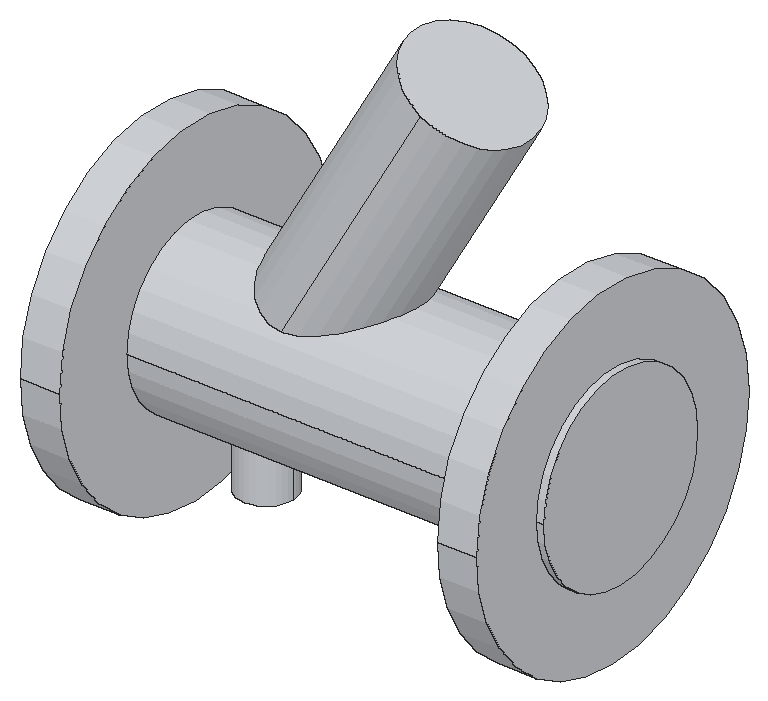
Revit family "HS 821-síto_jemné-PN25-DN025-RFA_2019", category Pipe Accessories, Revit 2019
Family settings
  Round Connector Dimension = Use Diameter
  Part Type = Breaks Into
  Work Plane-Based = No
  Always vertical = Yes
  Cut with Voids When Loaded = No
  Shared = No
Parameters (values of type "821D-DN025-PN25-síto_jemné")
  magiProductId = "b9a7fb4aa36643878c637d8e1ab992"
  magiProductFamilyId = "79214ac3aaa945e397802f559f5c1e"
  magiPartTypeId = 307
  isMeasuringValve [instance] = no
  ang2D [instance] = 0.00°
  ZB__ve = -ZB  # -19.25 mm
  ZB1 = 26.325 mm
  ZB = 19.25 mm
  X2 = 58.601 mm
  X1 = 22.4 mm
  W2D = 15 mm
  VersionID = "2.0/2017.9.26.1/ZETKAMA_821_001"
  Use Minimum Symbol Size [instance] = yes
  URL = "www.hydronic.cz"
  Type Comments = "Filtr přírubový; síto jemné; A-PN16 (-10~300°C); D-PN25 (-10~350°C); F-PN40 (-10~400°C)"
  S = 65 mm
  QmdConnectorList = "301;D;302;D"
  Productdata [instance] = ""
  Manufacturer = "Hydronic Systems Prague s.r.o."
  MC Product Code = "210 225 (821D; DN025; PN25; kvs14,2; oko síta 0,63mm)"
  LM1 = 12.8 mm
  LM = 128 mm
  L4 = 40 mm
  L2D_Min = 3048 mm
  L2D = 130 mm
  L2 = 80 mm
  HH2 = 101.5 mm
  FD = 115 mm
  Description = "Filtr přírubový; síto jemné; 821A-PN16; 821D-PN25; 821F-PN40"
  DM1 = 43.2 mm
  DM = 58.5 mm
  D = 25 mm
  CC = 2.72 mm
  CAT0 = yes
  C1 = 13.28 mm
  C = 16 mm
  BD = 18.427 mm
Types (40, lengths in mm): name | magiProductId | ZB__ve | ZB1 | ZB | X2 | X1 | S | MC Product Code | LM1 | LM | L4 | L2 | HH2 | FD | DM1 | DM | D | CC | C1 | C | BD
  821A-DN015-PN16-síto_jemné | "a71bcfe8b393460598b23e8ddf7dc5" | -16.25 | 18.63 | 16.25 | 46.982 | 18.2 | 46 | "210 115 (821A; DN015; PN16; kvs6,2; oko síta 0,63mm)" | 10.4 | 104 | 32.5 | 65 | 81.375 | 95 | 27.6 | 41.4 | 15 | 2.21 | 10.79 | 13 | 13.041
  821A-DN020-PN16-síto_jemné | "41cd6c7a12924f4991217528336076" | -17.75 | 22.68 | 17.75 | 51.673 | 21 | 56 | "210 120 (821A; DN020; PN16; kvs9,6; oko síta 0,63mm)" | 12 | 120 | 37.5 | 75 | 89.5 | 105 | 33.6 | 50.4 | 20 | 2.55 | 12.45 | 15 | 15.876
  821A-DN025-PN16-síto_jemné | "be378b463ed14c3abf4c9b3ae8cf3a" | -19.25 | 26.325 | 19.25 | 58.601 | 22.4 | 65 | "210 125 (821A; DN025; PN16; kvs14,2; oko síta 0,63mm)" | 12.8 | 128 | 40 | 80 | 101.5 | 115 | 43.2 | 58.5 | 25 | 2.72 | 13.28 | 16 | 18.427
  821A-DN032-PN16-síto_jemné | "227a0d18b21540afabe8b6067d35fa" | -23 | 30.78 | 23 | 68.849 | 25.2 | 76 | "210 132 (821A; DN032; PN16; kvs23,1; oko síta 0,63mm)" | 14.4 | 144 | 45 | 90 | 119.25 | 140 | 50.4 | 68.4 | 32 | 3.06 | 14.94 | 18 | 21.546
  821A-DN040-PN16-síto_jemné | "d106917c74724141a10440112d0102" | -24.5 | 34.02 | 24.5 | 75.777 | 28 | 84 | "210 140 (821A; DN040; PN16; kvs36,6; oko síta 0,63mm)" | 16 | 160 | 50 | 100 | 131.25 | 150 | 60 | 75.6 | 40 | 3.4 | 16.6 | 20 | 23.814
  821A-DN050-PN16-síto_jemné | "8255d456a09e4f6486734f5dd9171b" | -26.75 | 40.095 | 26.75 | 79.061 | 32.2 | 99 | "210 150 (821A; DN050 PN16; kvs53,7; oko síta 0,63mm)" | 18.4 | 184 | 57.5 | 115 | 136.938 | 165 | 73.8 | 89.1 | 50 | 3.91 | 19.09 | 23 | 28.066
  821A-DN065-PN16-síto_jemné | "235b1b3e4c0843779a4d5e3716d40a" | -29.75 | 47.79 | 29.75 | 86.927 | 40.6 | 118 | "210 165 (821A; DN065; PN16; kvs95,1; oko síta 0,63mm)" | 23.2 | 232 | 72.5 | 145 | 150.562 | 185 | 94.2 | 106.2 | 65 | 4.93 | 24.07 | 29 | 33.453
  821A-DN080-PN16-síto_jemné | "a067f7c5236348ed8c820d16df7214" | -32 | 53.46 | 32 | 104.753 | 43.4 | 132 | "210 180 (821A; DN080; PN16; kvs137,1; oko síta 0,63mm)" | 24.8 | 248 | 77.5 | 155 | 181.438 | 200 | 107.4 | 118.8 | 80 | 5.27 | 25.73 | 31 | 37.422
  821A-DN100-PN16-síto_jemné | "c49a648c2747461285837d643703cd" | -35 | 63.18 | 35 | 114.857 | 49 | 156 | "210 190 (821A; DN100; PN16; kvs206,4; oko síta 0,63mm)" | 28 | 280 | 87.5 | 175 | 198.937 | 220 | 131.4 | 140.4 | 100 | 5.95 | 29.05 | 35 | 44.226
  821A-DN125-PN16-síto_jemné | "bf68e728a163493cbd2a663b26ebdc" | -39.5 | 74.52 | 39.5 | 131.888 | 56 | 184 | "210 191 (821A; DN125; PN16; kvs268,8; oko síta 0,63mm)" | 32 | 320 | 100 | 200 | 228.438 | 250 | 165 | 165.6 | 125 | 6.8 | 33.2 | 40 | 52.164
  821A-DN150-PN16-síto_jemné | "2de770284b654863ae6bc865769dc5" | -44.75 | 85.455 | 44.75 | 155.885 | 67.2 | 211 | "210 192 (821A; DN150; PN16; kvs401,4; oko síta 0,63mm)" | 38.4 | 384 | 120 | 240 | 270 | 285 | 192 | 189.9 | 150 | 8.16 | 39.84 | 48 | 59.818
  821A-DN200-PN16-síto_jemné | "8e5693371ab64aabb29a7f08c76e15" | -53 | 107.73 | 53 | 188.361 | 84 | 266 | "210 193 (821A; DN200; PN16; kvs706,7; oko síta 0,63mm)" | 48 | 480 | 150 | 300 | 326.25 | 340 | 252 | 239.4 | 200 | 10.2 | 49.8 | 60 | 75.411
  821A-DN250-PN16-síto_jemné | "05e37ed948c34047acdd4c42556504" | -62.75 | 129.195 | 62.75 | 255.911 | 102.2 | 319 | "210 194 (821A; DN250; PN16; kvs1229,4; oko síta 0,63mm)" | 58.4 | 584 | 182.5 | 365 | 443.25 | 405 | 309.6 | 287.1 | 250 | 12.41 | 60.59 | 73 | 90.436
  821A-DN300-PN16-síto_jemné | "9ad0af747269428da925480d83ce80" | -71 | 149.85 | 71 | 325.914 | 119 | 370 | "210 195 (821A; DN300; PN16; kvs1902,4; oko síta 0,63mm)" | 68 | 680 | 212.5 | 425 | 564.5 | 460 | 369.6 | 333 | 300 | 14.45 | 70.55 | 85 | 104.895
  821A-DN350-PN16-síto_jemné | "eebc71459bb3451bb4355e7951370a" | -80 | 173.745 | 80 | 356.875 | 137.2 | 429 | "200 196 (821A; DN350; PN16; kvs2611,0; oko síta 0,63mm)" | 78.4 | 784 | 245 | 490 | 618.125 | 520 | 438 | 386.1 | 350 | 16.66 | 81.34 | 98 | 121.621
  821A-DN400-PN16-síto_jemné | "d2f677cb196647e385b2590e7d8abe" | -89 | 194.4 | 89 | 392.237 | 154 | 480 | "210 197 (821A; DN400; PN16; kvs3438,4; oko síta 0,63mm)" | 88 | 880 | 275 | 550 | 679.375 | 580 | 498 | 432 | 400 | 18.7 | 91.3 | 110 | 136.08
  821D-DN015-PN25-síto_jemné | "27ddcbf555414f8ca1fde329bf9087" | -16.25 | 18.63 | 16.25 | 46.982 | 18.2 | 46 | "210 215 (821D; DN015; PN25; kvs6,2; oko síta 0,63mm)" | 10.4 | 104 | 32.5 | 65 | 81.375 | 95 | 27.6 | 41.4 | 15 | 2.21 | 10.79 | 13 | 13.041
  821D-DN020-PN25-síto_jemné | "270e0f14012f47189cd0235c18faee" | -17.75 | 22.68 | 17.75 | 51.673 | 21 | 56 | "210 220 (821D; DN020; PN25; kvs9,6; oko síta 0,63mm)" | 12 | 120 | 37.5 | 75 | 89.5 | 105 | 33.6 | 50.4 | 20 | 2.55 | 12.45 | 15 | 15.876
  821D-DN025-PN25-síto_jemné | "b9a7fb4aa36643878c637d8e1ab992" | -19.25 | 26.325 | 19.25 | 58.601 | 22.4 | 65 | "210 225 (821D; DN025; PN25; kvs14,2; oko síta 0,63mm)" | 12.8 | 128 | 40 | 80 | 101.5 | 115 | 43.2 | 58.5 | 25 | 2.72 | 13.28 | 16 | 18.427
  821D-DN032-PN25-síto_jemné | "6be9a55c4e68400f94eec7e804204c" | -23 | 30.78 | 23 | 68.849 | 25.2 | 76 | "210 232 (821D; DN032; PN25; kvs23,1; oko síta 0,63mm)" | 14.4 | 144 | 45 | 90 | 119.25 | 140 | 50.4 | 68.4 | 32 | 3.06 | 14.94 | 18 | 21.546
  821D-DN040-PN25-síto_jemné | "c54511bd7f584ec2984291479612cb" | -24.5 | 34.02 | 24.5 | 75.777 | 28 | 84 | "210 240 (821D; DN040; PN25; kvs36,6; oko síta 0,63mm)" | 16 | 160 | 50 | 100 | 131.25 | 150 | 60 | 75.6 | 40 | 3.4 | 16.6 | 20 | 23.814
  821D-DN050-PN25-síto_jemné | "5483b1f596b04cd39b23a14a22c90e" | -26.75 | 40.095 | 26.75 | 79.061 | 32.2 | 99 | "210 250 (821D; DN050; PN25; kvs53,7; oko síta 0,63mm)" | 18.4 | 184 | 57.5 | 115 | 136.938 | 165 | 73.8 | 89.1 | 50 | 3.91 | 19.09 | 23 | 28.066
  821D-DN065-PN25-síto_jemné | "767b0f8318e94750bc7a9930ed5b30" | -29.75 | 47.79 | 29.75 | 86.927 | 40.6 | 118 | "210 265 (821D; DN065; PN25; kvs95,1; oko síta 0,63mm)" | 23.2 | 232 | 72.5 | 145 | 150.562 | 185 | 94.2 | 106.2 | 65 | 4.93 | 24.07 | 29 | 33.453
  821D-DN080-PN25-síto_jemné | "e21040fa3cc2404b858198f6b73709" | -32 | 53.46 | 32 | 104.753 | 43.4 | 132 | "210 280 (821D; DN080; PN25; kvs137,1; oko síta 0,63mm)" | 24.8 | 248 | 77.5 | 155 | 181.438 | 200 | 107.4 | 118.8 | 80 | 5.27 | 25.73 | 31 | 37.422
  821D-DN100-PN25-síto_jemné | "175ca87a506b40b3bc6b82f12f33cf" | -37.25 | 63.18 | 37.25 | 114.857 | 49 | 156 | "210 290 (821D; DN100; PN25; kvs206,4; oko síta 0,63mm)" | 28 | 280 | 87.5 | 175 | 198.937 | 235 | 131.4 | 140.4 | 100 | 5.95 | 29.05 | 35 | 44.226
  821D-DN125-PN25-síto_jemné | "77cc98d60da24855999a22dff726b2" | -42.5 | 74.52 | 42.5 | 131.888 | 56 | 184 | "210 291 (821D; DN125; PN25; kvs268,8; oko síta 0,63mm)" | 32 | 320 | 100 | 200 | 228.438 | 270 | 165 | 165.6 | 125 | 6.8 | 33.2 | 40 | 52.164
  821D-DN150-PN25-síto_jemné | "9cf8acfcd15547d68e83172d3abcbe" | -47 | 85.455 | 47 | 155.885 | 67.2 | 211 | "210 292 (821D; DN150; PN25; kvs401,4; oko síta 0,63mm)" | 38.4 | 384 | 120 | 240 | 270 | 300 | 192 | 189.9 | 150 | 8.16 | 39.84 | 48 | 59.818
  821D-DN200-PN25-síto_jemné | "16973f3c9ea14389ba8602495a6b64" | -56 | 110.97 | 56 | 188.361 | 84 | 274 | "210 293 (821D; DN200; PN25; kvs706,7; oko síta 0,63mm)" | 48 | 480 | 150 | 300 | 326.25 | 360 | 252 | 246.6 | 200 | 10.2 | 49.8 | 60 | 77.679
  821F-DN015-PN40-síto_jemné | "4c7eaf3c4c0340888b3e684d8a8616" | -16.25 | 18.225 | 16.25 | 46.982 | 18.2 | 45 | "250 615 (821F; DN015; PN40; kvs6,2; oko síta 0,63mm)" | 10.4 | 104 | 32.5 | 65 | 81.375 | 95 | 27.6 | 40.5 | 15 | 2.21 | 10.79 | 13 | 12.757
  821F-DN020-PN40-síto_jemné | "aaac5f1ec96b44d6ba96ac2293d66d" | -17.75 | 23.49 | 17.75 | 51.673 | 21 | 58 | "250 620 (821F; DN020; PN40; kvs9,6; oko síta 0,63mm)" | 12 | 120 | 37.5 | 75 | 89.5 | 105 | 33.6 | 52.2 | 20 | 2.55 | 12.45 | 15 | 16.443
  821F-DN025-PN40-síto_jemné | "504768023968471481789485b54c7e" | -19.25 | 27.54 | 19.25 | 58.601 | 22.4 | 68 | "250 625 (821F; DN025; PN40; kvs14,2; oko síta 0,63mm)" | 12.8 | 128 | 40 | 80 | 101.5 | 115 | 43.2 | 61.2 | 25 | 2.72 | 13.28 | 16 | 19.278
  821F-DN032-PN40-síto_jemné | "165e7f39cf744f329bdf1c400dad12" | -23 | 31.59 | 23 | 68.849 | 25.2 | 78 | "250 632 (821F; DN032; PN40; kvs23,1; oko síta 0,63mm)" | 14.4 | 144 | 45 | 90 | 119.25 | 140 | 50.4 | 70.2 | 32 | 3.06 | 14.94 | 18 | 22.113
  821F-DN040-PN40-síto_jemné | "b8903f952089408fbf3a5a632bab1f" | -24.5 | 35.64 | 24.5 | 75.777 | 28 | 88 | "250 640 (821F; DN040; PN40; kvs36,6; oko síta 0,63mm)" | 16 | 160 | 50 | 100 | 131.25 | 150 | 60 | 79.2 | 40 | 3.4 | 16.6 | 20 | 24.948
  821F-DN050-PN40-síto_jemné | "c451f97266fe48da8f879cb6a2bd44" | -26.75 | 41.31 | 26.75 | 79.061 | 32.2 | 102 | "250 650 (821F; DN050; PN40; kvs53,7; oko síta 0,63mm)" | 18.4 | 184 | 57.5 | 115 | 136.938 | 165 | 73.8 | 91.8 | 50 | 3.91 | 19.09 | 23 | 28.917
  821F-DN065-PN40-síto_jemné | "dc9821e3f9b34e128f6a8c6b34c198" | -29.75 | 49.41 | 29.75 | 86.927 | 40.6 | 122 | "250 665 (821F; DN065; PN40; kvs95,1; oko síta 0,63mm)" | 23.2 | 232 | 72.5 | 145 | 150.562 | 185 | 94.2 | 109.8 | 65 | 4.93 | 24.07 | 29 | 34.587
  821F-DN080-PN40-síto_jemné | "689aa1e260f84cf4994f027a1d86b5" | -32 | 55.89 | 32 | 104.753 | 43.4 | 138 | "250 680 (821F; DN080; PN40; kvs137,1; oko síta 0,63mm)" | 24.8 | 248 | 77.5 | 155 | 181.438 | 200 | 107.4 | 124.2 | 80 | 5.27 | 25.73 | 31 | 39.123
  821F-DN100-PN40-síto_jemné | "8a45d4e8e2ab425f8c432f21d684f3" | -37.25 | 65.61 | 37.25 | 114.857 | 49 | 162 | "250 690 (821F; DN100; PN40; kvs206,4; oko síta 0,63mm)" | 28 | 280 | 87.5 | 175 | 198.937 | 235 | 131.4 | 145.8 | 100 | 5.95 | 29.05 | 35 | 45.927
  821F-DN125-PN40-síto_jemné | "cf073904c006406b8645afa67ea2fc" | -42.5 | 76.14 | 42.5 | 131.888 | 56 | 188 | "250 691 (821F; DN125; PN40; kvs268,8; oko síta 0,63mm)" | 32 | 320 | 100 | 200 | 228.438 | 270 | 165 | 169.2 | 125 | 6.8 | 33.2 | 40 | 53.298
  821F-DN150-PN40-síto_jemné | "0153b9ddabe14992a630484929fdbc" | -47 | 88.29 | 47 | 155.885 | 67.2 | 218 | "250 692 (821F; DN150; PN40; kvs401,4; oko síta 0,63mm)" | 38.4 | 384 | 120 | 240 | 270 | 300 | 192 | 196.2 | 150 | 8.16 | 39.84 | 48 | 61.803
  821F-DN200-PN40-síto_jemné | "7fb3fc01dd8d42428c203e3f8dd4d5" | -56 | 115.425 | 56 | 188.361 | 84 | 285 | "250 693 (821F; DN200; PN40; kvs706,7; oko síta 0,63mm)" | 48 | 480 | 150 | 300 | 326.25 | 360 | 252 | 256.5 | 200 | 10.2 | 49.8 | 60 | 80.797
Reference planes
  plane 1 "Center (Front/Back)": y = 0
  plane 2 "XYPLANE": z = 0
  plane 3 "Center (Left/Right)": x = 0
  plane 4 "109": x = -51.2
  plane 5 "108": x = 64
  plane 6 "107": x = -64
  plane 7 "105": x = 80
  plane 8 "104": x = -80
  plane 9 "103": y = 0
  plane 10 "102": z = 0
  plane 11 "101": x = -77.28
  plane 12 "100": x = 77.28
  plane 13 "11": x = -28.8
  plane 14 "10": z = 101.5
  plane 15 "9": x = 29.801
  plane 16 "5": z = -26.325
  plane 17 "4": x = -40
  plane 18 "1": x = 40
Forms (mm)
  Extrusion 1, solid, visible <- "CAT0"
    sketch origin (-64, -750, 0) x (0, 1, 0) y (0, 0, 1)
      loop
        circle (750, 0) r 29.25
    from 0 to 128 <- "LM"
  Extrusion 2, solid
    sketch origin (-80, -750, 0) x (0, 1, 0) y (0, 0, 1)
      loop
        circle (750, 0) r 32.5
    from 0 to 2.72 <- "CC"
  Extrusion 3, solid
    sketch origin (-77.28, -750, 0) x (0, 1, 0) y (0, 0, 1)
      loop
        circle (750, 0) r 57.5
    from 0 to 13.28 <- "C1"
  Extrusion 4, solid
    sketch origin (64, -750, 0) x (0, 1, 0) y (0, 0, 1)
      loop
        circle (750, 0) r 57.5
    from 0 to 13.28 <- "C1"
  Extrusion 5, solid
    sketch origin (77.28, -750, 0) x (0, 1, 0) y (0, 0, 1)
      loop
        circle (750, 0) r 32.5
    from 0 to 2.72 <- "CC"
  Sweep 6, solid, visible <- "CAT0"
    path origin (750, 0, 0) x (-1, 0, 0) y (0, 0, 1)
      loop
        line (814, 0) -> (778.8, 0) -> (720.199, 101.5)
    profile origin (-64, 0, 0) x (0, 0, -1) y (0, 1, 0)
      loop
        circle (0, 0) r 21.6
  Extrusion 7, solid, visible <- "CAT0"
    sketch origin (-750, 0, -26.325) x (1, 0, 0) y (0, 1, 0)
      loop
        circle (710, 0) r 9.214
    from 0 to -19.25 <- "ZB__ve"
  Extrusion 8, solid, visible <- "CAT0"
    sketch origin (-750, 0, -26.325) x (1, 0, 0) y (0, 1, 0)
      loop
        circle (790, 0) r 9.214
    from 0 to -19.25 <- "ZB__ve"
  Extrusion 9, solid, not visible
    sketch origin (80, -750, 0) x (0, 1, 0) y (0, 0, 1)
      loop
        circle (750, 0) r 10
    from 0 to -10
  Extrusion 10, solid, not visible
    sketch origin (-80, -750, 0) x (0, 1, 0) y (0, 0, 1)
      loop
        circle (750, 0) r 10
    from 0 to 10
Lines and regions (mm)
  reference lines, not visible
    curve 1: circle (2, 2, 0) r 1 normal (0, 0, 1)
Dimensions and locks
  plane 1 "Center (Front/Back)" to curve 1 = 2 mm
  "LM1": plane 6 "107" to plane 4 "109"
  "LM": plane 6 "107" to plane 5 "108"
  "C": plane 8 "104" to plane 6 "107"
  "L2": plane 3 "Center (Left/Right)" to plane 7 "105"
  "L2": plane 3 "Center (Left/Right)" to plane 8 "104"
  locked: plane 1 "Center (Front/Back)" to plane 9 "103"
  locked: plane 2 "XYPLANE" to plane 10 "102"
  "CC": plane 8 "104" to plane 11 "101"
  "C1": plane 5 "108" to plane 12 "100"
  "X1": plane 4 "109" to plane 13 "11"
  "HH2": plane 2 "XYPLANE" to plane 14 "10"
  "X2": plane 13 "11" to plane 15 "9"
  "ZB1": plane 2 "XYPLANE" to plane 16 "5"
  "L4": plane 8 "104" to plane 17 "4"
  "L2": plane 17 "4" to plane 18 "1"
  Sweep 6 sketch curve to Sweep 6 sketch curve = 0 mm  (x2)
  "DM": diameter of Extrusion 1 sketch curve
  "S": diameter of Extrusion 2 sketch curve
  "FD": diameter of Extrusion 3 sketch curve
  "FD": diameter of Extrusion 4 sketch curve
  "S": diameter of Extrusion 5 sketch curve
  "DM1": diameter of Sweep 6 sketch curve
  "BD": diameter of Extrusion 7 sketch curve
  "BD": diameter of Extrusion 8 sketch curve
  aligned and locked: level to plane 2 "XYPLANE"
  aligned and locked: Extrusion 1 sketch curve to plane 9 "103"
  aligned and locked: plane 10 "102" to Extrusion 1 sketch curve
  aligned and locked: Extrusion 2 sketch curve to plane 9 "103"
  aligned and locked: plane 10 "102" to Extrusion 2 sketch curve
  aligned and locked: Extrusion 3 sketch curve to plane 9 "103"
  aligned and locked: plane 10 "102" to Extrusion 3 sketch curve
  aligned and locked: Extrusion 4 sketch curve to plane 9 "103"
  aligned and locked: plane 10 "102" to Extrusion 4 sketch curve
  aligned and locked: Extrusion 5 sketch curve to plane 9 "103"
  aligned and locked: plane 10 "102" to Extrusion 5 sketch curve
  aligned and locked: Sweep 6 sketch curve to plane 9 "103"
  aligned and locked: plane 10 "102" to Sweep 6 sketch curve  (x3)
  aligned and locked: plane 6 "107" to Sweep 6 sketch curve
  aligned and locked: plane 13 "11" to Sweep 6 sketch curve
  aligned and locked: plane 14 "10" to Sweep 6 sketch curve
  aligned and locked: plane 15 "9" to Sweep 6 sketch curve
  aligned and locked: plane 9 "103" to Extrusion 7 sketch curve
  aligned and locked: plane 17 "4" to Extrusion 7 sketch curve
  aligned and locked: plane 9 "103" to Extrusion 8 sketch curve
  aligned and locked: plane 18 "1" to Extrusion 8 sketch curve
  aligned and locked: Extrusion 9 sketch curve to plane 9 "103"
  aligned and locked: plane 10 "102" to Extrusion 9 sketch curve
  aligned and locked: Extrusion 10 sketch curve to plane 9 "103"
  aligned and locked: plane 10 "102" to Extrusion 10 sketch curve
Automatic sketch dimensions
  plane 1 "Center (Front/Back)" to Extrusion 9 sketch curve = 10 mm
  plane 1 "Center (Front/Back)" to Extrusion 10 sketch curve = 10 mm
  plane 3 "Center (Left/Right)" to curve 1 = 2 mm
  radius of curve 1 = 1 mm
Connectors
  piping at (-80, 0, 0), diameter 25, driven by "D"
    settings: on Extrusion 10, index 1, connector inside diameter 609.6 mm, connector length 0 mm, flow factor 0, pipe flow 0.0 L/s, pressure drop 0.0 Pa, fitting loss kfactor 0, connector angle 0.00°, fixture units 0, engagement length 0 mm, angle of deflection 0.00°, flow configuration 0, flow direction 0, fitting loss method 0, system type 29, joint type 0, gender type 0, connector reference index 2, connector utility 0, adjustable connector no, is connector primary yes, connector description ""
  piping at (80, 0, 0), diameter 25, driven by "D"
    settings: on Extrusion 9, index 2, connector inside diameter 609.6 mm, connector length 0 mm, flow factor 0, pipe flow 0.0 L/s, pressure drop 0.0 Pa, fitting loss kfactor 0, connector angle 0.00°, fixture units 0, engagement length 0 mm, angle of deflection 0.00°, flow configuration 0, flow direction 0, fitting loss method 0, system type 29, joint type 0, gender type 0, connector reference index 1, connector utility 0, adjustable connector no, is connector primary no, connector description ""
